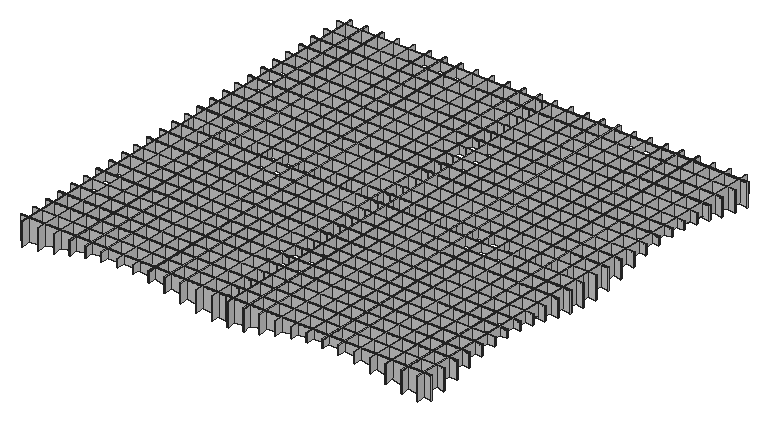
Revit family "CLD-WFL-002_RFA", category Modelos genéricos, Revit 2022
Family settings
  Puede alojar armadura = No
  Cota de conector redondo = Diámetro de uso
  Tipo de pieza = Normal
  Se basa en plano de trabajo = No
  Siempre vertical = Sí
  Corte con vacíos al cargar = No
  Mantener orientación de anotación = No
  Compartido = No
  Punto de cálculo de habitación = No
Parameters
  Elevación por defecto = 0.00"
Reference planes (in)
  plane 1 "Centro (Frontal/Posterior)": y = 0
  plane 2: z = 0
  plane 3 "Centro (Izquierda/Derecha)": x = 0
Forms (in)
  Extrusion 1, solid
    sketch origin (0, 3.79167, 0) x (1, 0, 0) y (0, 0, 1)
      loop
        line (108, 11.82144) -> (0, 11.82144) -> (0, 0)
        spline (0, 0) -> (0.32561, 0.03535) -> (0.65129, 0.07108) -> (0.97702, 0.10719) -> (1.3028, 0.14369) -> (1.62862, 0.18058) -> (1.95447, 0.21788) -> (2.28035, 0.25557) -> (2.60624, 0.29369) -> (2.93213, 0.33222) -> (3.25803, 0.37118) -> (3.58391, 0.41056) -> (3.90978, 0.45039)
        spline (3.90978, 0.45039) -> (4.64427, 0.54331) -> (5.37851, 0.63835) -> (6.11243, 0.73557) -> (6.84597, 0.83501) -> (7.57904, 0.93675) -> (8.31156, 1.04084) -> (9.04347, 1.14734) -> (9.7747, 1.25631) -> (10.50516, 1.36779) -> (11.23478, 1.48186) -> (11.96349, 1.59857) -> (12.69122, 1.71798)
        spline (12.69122, 1.71798) -> (13.38922, 1.83797) -> (14.08606, 1.96074) -> (14.78174, 2.08623) -> (15.47631, 2.21426) -> (16.16984, 2.34463) -> (16.86238, 2.47718) -> (17.55399, 2.61172) -> (18.24473, 2.74807) -> (18.93467, 2.88604) -> (19.62386, 3.02546) -> (20.31235, 3.16614) -> (21.00022, 3.30789)
        spline (21.00022, 3.30789) -> (21.65469, 3.44372) -> (22.3087, 3.5801) -> (22.96232, 3.71687) -> (23.61561, 3.85384) -> (24.26863, 3.99083) -> (24.92142, 4.12768) -> (25.57405, 4.2642) -> (26.22658, 4.40021) -> (26.87906, 4.53554) -> (27.53155, 4.67001) -> (28.18411, 4.80344) -> (28.83678, 4.93566)
        spline (28.83678, 4.93566) -> (29.71888, 5.11051) -> (30.60133, 5.28308) -> (31.48418, 5.45313) -> (32.36752, 5.62042) -> (33.25139, 5.78471) -> (34.13589, 5.94577) -> (35.02106, 6.10336) -> (35.90699, 6.25724) -> (36.79374, 6.40717) -> (37.68137, 6.55291) -> (38.56997, 6.69423) -> (39.45958, 6.83089)
        spline (39.45958, 6.83089) -> (39.81456, 6.88206) -> (40.17002, 6.93114) -> (40.52597, 6.97806) -> (40.88246, 7.0227) -> (41.2395, 7.065) -> (41.59707, 7.10495) -> (41.95516, 7.14258) -> (42.31373, 7.17791) -> (42.67277, 7.21097) -> (43.03223, 7.2418) -> (43.3921, 7.27043) -> (43.75234, 7.29687)
        spline (43.75234, 7.29687) -> (44.62318, 7.35197) -> (45.49474, 7.40207) -> (46.36696, 7.44722) -> (47.23979, 7.48751) -> (48.11314, 7.52299) -> (48.98697, 7.55374) -> (49.8612, 7.57983) -> (50.73577, 7.60132) -> (51.61063, 7.61828) -> (52.48569, 7.63078) -> (53.36091, 7.63889) -> (54.23622, 7.64268)
        spline (54.23622, 7.64268) -> (54.8905, 7.63994) -> (55.54471, 7.63396) -> (56.19881, 7.62471) -> (56.85275, 7.61212) -> (57.50648, 7.59614) -> (58.15996, 7.57673) -> (58.81313, 7.55383) -> (59.46596, 7.5274) -> (60.11838, 7.49738) -> (60.77036, 7.46371) -> (61.42184, 7.42635) -> (62.07278, 7.38525)
        spline (62.07278, 7.38525) -> (62.80971, 7.33115) -> (63.54587, 7.27259) -> (64.28121, 7.20951) -> (65.01566, 7.14186) -> (65.74917, 7.06957) -> (66.48169, 6.99259) -> (67.21316, 6.91086) -> (67.94353, 6.82432) -> (68.67277, 6.73297) -> (69.40093, 6.637) -> (70.12806, 6.53658) -> (70.85422, 6.4319)
        spline (70.85422, 6.4319) -> (71.51051, 6.33081) -> (72.16604, 6.22628) -> (72.82086, 6.11849) -> (73.47503, 6.00761) -> (74.12859, 5.89382) -> (74.78159, 5.7773) -> (75.43409, 5.65821) -> (76.08613, 5.53673) -> (76.73777, 5.41305) -> (77.38906, 5.28733) -> (78.04005, 5.15975) -> (78.69078, 5.03049)
        spline (78.69078, 5.03049) -> (79.42214, 4.88265) -> (80.15338, 4.73345) -> (80.88454, 4.58309) -> (81.6157, 4.43177) -> (82.3469, 4.27969) -> (83.07823, 4.12703) -> (83.80973, 3.97401) -> (84.54148, 3.82083) -> (85.27354, 3.66767) -> (86.00597, 3.51473) -> (86.73884, 3.36223) -> (87.47222, 3.21035)
        spline (87.47222, 3.21035) -> (88.12098, 3.07725) -> (88.77034, 2.94516) -> (89.42035, 2.81427) -> (90.07106, 2.68474) -> (90.72253, 2.55674) -> (91.37482, 2.43044) -> (92.02798, 2.30602) -> (92.68208, 2.18365) -> (93.33715, 2.0635) -> (93.99327, 1.94575) -> (94.65048, 1.83055) -> (95.30878, 1.71798)
        spline (95.30878, 1.71798) -> (96.03651, 1.59857) -> (96.76522, 1.48186) -> (97.49484, 1.36779) -> (98.2253, 1.25631) -> (98.95653, 1.14734) -> (99.68844, 1.04084) -> (100.42096, 0.93675) -> (101.15403, 0.83501) -> (101.88757, 0.73557) -> (102.62149, 0.63835) -> (103.35573, 0.54331) -> (104.09022, 0.45039)
        spline (104.09022, 0.45039) -> (104.41609, 0.41056) -> (104.74197, 0.37118) -> (105.06787, 0.33222) -> (105.39376, 0.29369) -> (105.71965, 0.25557) -> (106.04553, 0.21788) -> (106.37138, 0.18058) -> (106.6972, 0.14369) -> (107.02298, 0.10719) -> (107.34871, 0.07108) -> (107.67439, 0.03535) -> (108, 0)
        line (108, 0) -> (108, 11.82144)
    from -0.11811 to 0
  Extrusion 2, solid
    sketch origin (0, 4.38222, 0) x (1, 0, 0) y (0, 0, 1)
      loop
        line (108, 11.82144) -> (0, 11.82144) -> (0, 0)
        spline (0, 0) -> (0.32561, 0.03535) -> (0.65129, 0.07108) -> (0.97702, 0.10719) -> (1.3028, 0.14369) -> (1.62862, 0.18058) -> (1.95447, 0.21788) -> (2.28035, 0.25557) -> (2.60624, 0.29369) -> (2.93213, 0.33222) -> (3.25803, 0.37118) -> (3.58391, 0.41056) -> (3.90978, 0.45039)
        spline (3.90978, 0.45039) -> (4.64427, 0.54331) -> (5.37851, 0.63835) -> (6.11243, 0.73557) -> (6.84597, 0.83501) -> (7.57904, 0.93675) -> (8.31156, 1.04084) -> (9.04347, 1.14734) -> (9.7747, 1.25631) -> (10.50516, 1.36779) -> (11.23478, 1.48186) -> (11.96349, 1.59857) -> (12.69122, 1.71798)
        spline (12.69122, 1.71798) -> (13.38922, 1.83797) -> (14.08606, 1.96074) -> (14.78174, 2.08623) -> (15.47631, 2.21426) -> (16.16984, 2.34463) -> (16.86238, 2.47718) -> (17.55399, 2.61172) -> (18.24473, 2.74807) -> (18.93467, 2.88604) -> (19.62386, 3.02546) -> (20.31235, 3.16614) -> (21.00022, 3.30789)
        spline (21.00022, 3.30789) -> (21.65469, 3.44372) -> (22.3087, 3.5801) -> (22.96232, 3.71687) -> (23.61561, 3.85384) -> (24.26863, 3.99083) -> (24.92142, 4.12768) -> (25.57405, 4.2642) -> (26.22658, 4.40021) -> (26.87906, 4.53554) -> (27.53155, 4.67001) -> (28.18411, 4.80344) -> (28.83678, 4.93566)
        spline (28.83678, 4.93566) -> (29.71888, 5.11051) -> (30.60133, 5.28308) -> (31.48418, 5.45313) -> (32.36752, 5.62042) -> (33.25139, 5.78471) -> (34.13589, 5.94577) -> (35.02106, 6.10336) -> (35.90699, 6.25724) -> (36.79374, 6.40717) -> (37.68137, 6.55291) -> (38.56997, 6.69423) -> (39.45958, 6.83089)
        spline (39.45958, 6.83089) -> (39.81456, 6.88206) -> (40.17002, 6.93114) -> (40.52597, 6.97806) -> (40.88246, 7.0227) -> (41.2395, 7.065) -> (41.59707, 7.10495) -> (41.95516, 7.14258) -> (42.31373, 7.17791) -> (42.67277, 7.21097) -> (43.03223, 7.2418) -> (43.3921, 7.27043) -> (43.75234, 7.29687)
        spline (43.75234, 7.29687) -> (44.62318, 7.35197) -> (45.49474, 7.40207) -> (46.36696, 7.44722) -> (47.23979, 7.48751) -> (48.11314, 7.52299) -> (48.98697, 7.55374) -> (49.8612, 7.57983) -> (50.73577, 7.60132) -> (51.61063, 7.61828) -> (52.48569, 7.63078) -> (53.36091, 7.63889) -> (54.23622, 7.64268)
        spline (54.23622, 7.64268) -> (54.8905, 7.63994) -> (55.54471, 7.63396) -> (56.19881, 7.62471) -> (56.85275, 7.61212) -> (57.50648, 7.59614) -> (58.15996, 7.57673) -> (58.81313, 7.55383) -> (59.46596, 7.5274) -> (60.11838, 7.49738) -> (60.77036, 7.46371) -> (61.42184, 7.42635) -> (62.07278, 7.38525)
        spline (62.07278, 7.38525) -> (62.80971, 7.33115) -> (63.54587, 7.27259) -> (64.28121, 7.20951) -> (65.01566, 7.14186) -> (65.74917, 7.06957) -> (66.48169, 6.99259) -> (67.21316, 6.91086) -> (67.94353, 6.82432) -> (68.67277, 6.73297) -> (69.40093, 6.637) -> (70.12806, 6.53658) -> (70.85422, 6.4319)
        spline (70.85422, 6.4319) -> (71.51051, 6.33081) -> (72.16604, 6.22628) -> (72.82086, 6.11849) -> (73.47503, 6.00761) -> (74.12859, 5.89382) -> (74.78159, 5.7773) -> (75.43409, 5.65821) -> (76.08613, 5.53673) -> (76.73777, 5.41305) -> (77.38906, 5.28733) -> (78.04005, 5.15975) -> (78.69078, 5.03049)
        spline (78.69078, 5.03049) -> (79.42214, 4.88265) -> (80.15338, 4.73345) -> (80.88454, 4.58309) -> (81.6157, 4.43177) -> (82.3469, 4.27969) -> (83.07823, 4.12703) -> (83.80973, 3.97401) -> (84.54148, 3.82083) -> (85.27354, 3.66767) -> (86.00597, 3.51473) -> (86.73884, 3.36223) -> (87.47222, 3.21035)
        spline (87.47222, 3.21035) -> (88.12098, 3.07725) -> (88.77034, 2.94516) -> (89.42035, 2.81427) -> (90.07106, 2.68474) -> (90.72253, 2.55674) -> (91.37482, 2.43044) -> (92.02798, 2.30602) -> (92.68208, 2.18365) -> (93.33715, 2.0635) -> (93.99327, 1.94575) -> (94.65048, 1.83055) -> (95.30878, 1.71798)
        spline (95.30878, 1.71798) -> (96.03651, 1.59857) -> (96.76522, 1.48186) -> (97.49484, 1.36779) -> (98.2253, 1.25631) -> (98.95653, 1.14734) -> (99.68844, 1.04084) -> (100.42096, 0.93675) -> (101.15403, 0.83501) -> (101.88757, 0.73557) -> (102.62149, 0.63835) -> (103.35573, 0.54331) -> (104.09022, 0.45039)
        spline (104.09022, 0.45039) -> (104.41609, 0.41056) -> (104.74197, 0.37118) -> (105.06787, 0.33222) -> (105.39376, 0.29369) -> (105.71965, 0.25557) -> (106.04553, 0.21788) -> (106.37138, 0.18058) -> (106.6972, 0.14369) -> (107.02298, 0.10719) -> (107.34871, 0.07108) -> (107.67439, 0.03535) -> (108, 0)
        line (108, 0) -> (108, 11.82144)
    from -0.11811 to 0
  Extrusion 3, solid
    sketch origin (0, 4.26411, 0) x (1, 0, 0) y (0, 0, 1)
      loop
        line (108, 11.82144) -> (0, 11.82144) -> (0, 0)
        spline (0, 0) -> (0.32561, 0.03535) -> (0.65129, 0.07108) -> (0.97702, 0.10719) -> (1.3028, 0.14369) -> (1.62862, 0.18058) -> (1.95447, 0.21788) -> (2.28035, 0.25557) -> (2.60624, 0.29369) -> (2.93213, 0.33222) -> (3.25803, 0.37118) -> (3.58391, 0.41056) -> (3.90978, 0.45039)
        spline (3.90978, 0.45039) -> (4.64427, 0.54331) -> (5.37851, 0.63835) -> (6.11243, 0.73557) -> (6.84597, 0.83501) -> (7.57904, 0.93675) -> (8.31156, 1.04084) -> (9.04347, 1.14734) -> (9.7747, 1.25631) -> (10.50516, 1.36779) -> (11.23478, 1.48186) -> (11.96349, 1.59857) -> (12.69122, 1.71798)
        spline (12.69122, 1.71798) -> (13.38922, 1.83797) -> (14.08606, 1.96074) -> (14.78174, 2.08623) -> (15.47631, 2.21426) -> (16.16984, 2.34463) -> (16.86238, 2.47718) -> (17.55399, 2.61172) -> (18.24473, 2.74807) -> (18.93467, 2.88604) -> (19.62386, 3.02546) -> (20.31235, 3.16614) -> (21.00022, 3.30789)
        spline (21.00022, 3.30789) -> (21.65469, 3.44372) -> (22.3087, 3.5801) -> (22.96232, 3.71687) -> (23.61561, 3.85384) -> (24.26863, 3.99083) -> (24.92142, 4.12768) -> (25.57405, 4.2642) -> (26.22658, 4.40021) -> (26.87906, 4.53554) -> (27.53155, 4.67001) -> (28.18411, 4.80344) -> (28.83678, 4.93566)
        spline (28.83678, 4.93566) -> (29.71888, 5.11051) -> (30.60133, 5.28308) -> (31.48418, 5.45313) -> (32.36752, 5.62042) -> (33.25139, 5.78471) -> (34.13589, 5.94577) -> (35.02106, 6.10336) -> (35.90699, 6.25724) -> (36.79374, 6.40717) -> (37.68137, 6.55291) -> (38.56997, 6.69423) -> (39.45958, 6.83089)
        spline (39.45958, 6.83089) -> (39.81456, 6.88206) -> (40.17002, 6.93114) -> (40.52597, 6.97806) -> (40.88246, 7.0227) -> (41.2395, 7.065) -> (41.59707, 7.10495) -> (41.95516, 7.14258) -> (42.31373, 7.17791) -> (42.67277, 7.21097) -> (43.03223, 7.2418) -> (43.3921, 7.27043) -> (43.75234, 7.29687)
        spline (43.75234, 7.29687) -> (44.62318, 7.35197) -> (45.49474, 7.40207) -> (46.36696, 7.44722) -> (47.23979, 7.48751) -> (48.11314, 7.52299) -> (48.98697, 7.55374) -> (49.8612, 7.57983) -> (50.73577, 7.60132) -> (51.61063, 7.61828) -> (52.48569, 7.63078) -> (53.36091, 7.63889) -> (54.23622, 7.64268)
        spline (54.23622, 7.64268) -> (54.8905, 7.63994) -> (55.54471, 7.63396) -> (56.19881, 7.62471) -> (56.85275, 7.61212) -> (57.50648, 7.59614) -> (58.15996, 7.57673) -> (58.81313, 7.55383) -> (59.46596, 7.5274) -> (60.11838, 7.49738) -> (60.77036, 7.46371) -> (61.42184, 7.42635) -> (62.07278, 7.38525)
        spline (62.07278, 7.38525) -> (62.80971, 7.33115) -> (63.54587, 7.27259) -> (64.28121, 7.20951) -> (65.01566, 7.14186) -> (65.74917, 7.06957) -> (66.48169, 6.99259) -> (67.21316, 6.91086) -> (67.94353, 6.82432) -> (68.67277, 6.73297) -> (69.40093, 6.637) -> (70.12806, 6.53658) -> (70.85422, 6.4319)
        spline (70.85422, 6.4319) -> (71.51051, 6.33081) -> (72.16604, 6.22628) -> (72.82086, 6.11849) -> (73.47503, 6.00761) -> (74.12859, 5.89382) -> (74.78159, 5.7773) -> (75.43409, 5.65821) -> (76.08613, 5.53673) -> (76.73777, 5.41305) -> (77.38906, 5.28733) -> (78.04005, 5.15975) -> (78.69078, 5.03049)
        spline (78.69078, 5.03049) -> (79.42214, 4.88265) -> (80.15338, 4.73345) -> (80.88454, 4.58309) -> (81.6157, 4.43177) -> (82.3469, 4.27969) -> (83.07823, 4.12703) -> (83.80973, 3.97401) -> (84.54148, 3.82083) -> (85.27354, 3.66767) -> (86.00597, 3.51473) -> (86.73884, 3.36223) -> (87.47222, 3.21035)
        spline (87.47222, 3.21035) -> (88.12098, 3.07725) -> (88.77034, 2.94516) -> (89.42035, 2.81427) -> (90.07106, 2.68474) -> (90.72253, 2.55674) -> (91.37482, 2.43044) -> (92.02798, 2.30602) -> (92.68208, 2.18365) -> (93.33715, 2.0635) -> (93.99327, 1.94575) -> (94.65048, 1.83055) -> (95.30878, 1.71798)
        spline (95.30878, 1.71798) -> (96.03651, 1.59857) -> (96.76522, 1.48186) -> (97.49484, 1.36779) -> (98.2253, 1.25631) -> (98.95653, 1.14734) -> (99.68844, 1.04084) -> (100.42096, 0.93675) -> (101.15403, 0.83501) -> (101.88757, 0.73557) -> (102.62149, 0.63835) -> (103.35573, 0.54331) -> (104.09022, 0.45039)
        spline (104.09022, 0.45039) -> (104.41609, 0.41056) -> (104.74197, 0.37118) -> (105.06787, 0.33222) -> (105.39376, 0.29369) -> (105.71965, 0.25557) -> (106.04553, 0.21788) -> (106.37138, 0.18058) -> (106.6972, 0.14369) -> (107.02298, 0.10719) -> (107.34871, 0.07108) -> (107.67439, 0.03535) -> (108, 0)
        line (108, 0) -> (108, 11.82144)
    from -0.11811 to 0.35433
  Extrusion 4, solid
    sketch origin (0, 12.10067, 0) x (1, 0, 0) y (0, 0, 1)
      loop
        line (108, 11.82144) -> (0, 11.82144) -> (0, 0.88375)
        spline (0, 0.88375) -> (0.32561, 0.94348) -> (0.65129, 1.00296) -> (0.97702, 1.06219) -> (1.3028, 1.12116) -> (1.62862, 1.1799) -> (1.95447, 1.23838) -> (2.28035, 1.29662) -> (2.60624, 1.35462) -> (2.93213, 1.41237) -> (3.25803, 1.46988) -> (3.58391, 1.52715) -> (3.90978, 1.58418)
        spline (3.90978, 1.58418) -> (4.64426, 1.71122) -> (5.37851, 1.8372) -> (6.11243, 1.96212) -> (6.84596, 2.086) -> (7.57903, 2.20885) -> (8.31155, 2.33067) -> (9.04347, 2.45149) -> (9.77469, 2.57131) -> (10.50515, 2.69014) -> (11.23478, 2.80798) -> (11.96349, 2.92486) -> (12.69122, 3.04079)
        spline (12.69122, 3.04079) -> (13.34952, 3.14441) -> (14.00673, 3.24717) -> (14.66285, 3.34906) -> (15.31792, 3.45005) -> (15.97202, 3.55011) -> (16.62518, 3.64921) -> (17.27747, 3.74732) -> (17.92894, 3.8444) -> (18.57965, 3.94043) -> (19.22966, 4.03537) -> (19.87902, 4.12919) -> (20.52778, 4.22187)
        spline (20.52778, 4.22187) -> (21.26116, 4.32437) -> (21.99403, 4.42546) -> (22.72646, 4.52511) -> (23.45852, 4.62328) -> (24.19027, 4.71993) -> (24.92177, 4.81503) -> (25.6531, 4.90854) -> (26.3843, 5.00042) -> (27.11545, 5.09065) -> (27.84662, 5.17918) -> (28.57786, 5.26598) -> (29.30922, 5.35101)
        spline (29.30922, 5.35101) -> (29.95995, 5.42391) -> (30.61094, 5.49516) -> (31.26223, 5.56472) -> (31.91387, 5.63257) -> (32.56591, 5.69867) -> (33.21841, 5.763) -> (33.87141, 5.82551) -> (34.52497, 5.88618) -> (35.17914, 5.94498) -> (35.83396, 6.00187) -> (36.48949, 6.05683) -> (37.14578, 6.10982)
        spline (37.14578, 6.10982) -> (37.87194, 6.16453) -> (38.59907, 6.21702) -> (39.32723, 6.26723) -> (40.05647, 6.31514) -> (40.78684, 6.36072) -> (41.51831, 6.40397) -> (42.25083, 6.44489) -> (42.98434, 6.4835) -> (43.71879, 6.51981) -> (44.45413, 6.55383) -> (45.19029, 6.58557) -> (45.92722, 6.61503)
        spline (45.92722, 6.61503) -> (46.57816, 6.6376) -> (47.22964, 6.65822) -> (47.88162, 6.67689) -> (48.53404, 6.69363) -> (49.18687, 6.70845) -> (49.84004, 6.72134) -> (50.49352, 6.73234) -> (51.14725, 6.74143) -> (51.80119, 6.74863) -> (52.45529, 6.75396) -> (53.1095, 6.75742) -> (53.76378, 6.75901)
        spline (53.76378, 6.75901) -> (54.49695, 6.7572) -> (55.23004, 6.75331) -> (55.96301, 6.74732) -> (56.6958, 6.73922) -> (57.42835, 6.72901) -> (58.16062, 6.71667) -> (58.89255, 6.7022) -> (59.62408, 6.68557) -> (60.35517, 6.66679) -> (61.08576, 6.64585) -> (61.81579, 6.62272) -> (62.54522, 6.59741)
        spline (62.54522, 6.59741) -> (63.20286, 6.57112) -> (63.85981, 6.54281) -> (64.51602, 6.51247) -> (65.17144, 6.48008) -> (65.82603, 6.44563) -> (66.47973, 6.40912) -> (67.1325, 6.37054) -> (67.78428, 6.32988) -> (68.43505, 6.28713) -> (69.08486, 6.24233) -> (69.73376, 6.19551) -> (70.38178, 6.14669)
        spline (70.38178, 6.14669) -> (71.1172, 6.08737) -> (71.85177, 6.02584) -> (72.58554, 5.96214) -> (73.31858, 5.89631) -> (74.05094, 5.82838) -> (74.78268, 5.75838) -> (75.51386, 5.68636) -> (76.24452, 5.61234) -> (76.97473, 5.53637) -> (77.70455, 5.45847) -> (78.43403, 5.37869) -> (79.16322, 5.29705)
        spline (79.16322, 5.29705) -> (79.81589, 5.22111) -> (80.46845, 5.14359) -> (81.12094, 5.06452) -> (81.77342, 4.98394) -> (82.42595, 4.90188) -> (83.07858, 4.81837) -> (83.73137, 4.73344) -> (84.38439, 4.64713) -> (85.03768, 4.55947) -> (85.6913, 4.47048) -> (86.34531, 4.3802) -> (86.99978, 4.28866)
        spline (86.99978, 4.28866) -> (87.72677, 4.18488) -> (88.45442, 4.07981) -> (89.1828, 3.97349) -> (89.91197, 3.86595) -> (90.64199, 3.75723) -> (91.37293, 3.64737) -> (92.10485, 3.53639) -> (92.8378, 3.42433) -> (93.57186, 3.31123) -> (94.30709, 3.19712) -> (95.04354, 3.08203) -> (95.78122, 2.96599)
        spline (95.78122, 2.96599) -> (96.4698, 2.85601) -> (97.15931, 2.74512) -> (97.84968, 2.63332) -> (98.54085, 2.52058) -> (99.23273, 2.40692) -> (99.92527, 2.2923) -> (100.61838, 2.17673) -> (101.31201, 2.06019) -> (102.00608, 1.94268) -> (102.70052, 1.82418) -> (103.39525, 1.70469) -> (104.09022, 1.58418)
        spline (104.09022, 1.58418) -> (104.41609, 1.52715) -> (104.74197, 1.46988) -> (105.06787, 1.41237) -> (105.39376, 1.35462) -> (105.71965, 1.29662) -> (106.04553, 1.23838) -> (106.37138, 1.1799) -> (106.6972, 1.12116) -> (107.02298, 1.06219) -> (107.34871, 1.00296) -> (107.67439, 0.94348) -> (108, 0.88375)
        line (108, 0.88375) -> (108, 11.82144)
    from -0.11811 to 0
  Extrusion 5, solid, not visible
    sketch origin (0, 0, 0) x (1, 0, 0) y (0, 0, 1)
      loop
        line (108, 11.82144) -> (0, 11.82144) -> (0, 0)
        spline (0, 0) -> (0.32561, 0.03535) -> (0.65129, 0.07108) -> (0.97702, 0.10719) -> (1.3028, 0.14369) -> (1.62862, 0.18058) -> (1.95447, 0.21788) -> (2.28035, 0.25557) -> (2.60624, 0.29369) -> (2.93213, 0.33222) -> (3.25803, 0.37118) -> (3.58391, 0.41056) -> (3.90978, 0.45039)
        spline (3.90978, 0.45039) -> (4.64427, 0.54331) -> (5.37851, 0.63835) -> (6.11243, 0.73557) -> (6.84597, 0.83501) -> (7.57904, 0.93675) -> (8.31156, 1.04084) -> (9.04347, 1.14734) -> (9.7747, 1.25631) -> (10.50516, 1.36779) -> (11.23478, 1.48186) -> (11.96349, 1.59857) -> (12.69122, 1.71798)
        spline (12.69122, 1.71798) -> (13.38922, 1.83797) -> (14.08606, 1.96074) -> (14.78174, 2.08623) -> (15.47631, 2.21426) -> (16.16984, 2.34463) -> (16.86238, 2.47718) -> (17.55399, 2.61172) -> (18.24473, 2.74807) -> (18.93467, 2.88604) -> (19.62386, 3.02546) -> (20.31235, 3.16614) -> (21.00022, 3.30789)
        spline (21.00022, 3.30789) -> (21.65469, 3.44372) -> (22.3087, 3.5801) -> (22.96232, 3.71687) -> (23.61561, 3.85384) -> (24.26863, 3.99083) -> (24.92142, 4.12768) -> (25.57405, 4.2642) -> (26.22658, 4.40021) -> (26.87906, 4.53554) -> (27.53155, 4.67001) -> (28.18411, 4.80344) -> (28.83678, 4.93566)
        spline (28.83678, 4.93566) -> (29.71888, 5.11051) -> (30.60133, 5.28308) -> (31.48418, 5.45313) -> (32.36752, 5.62042) -> (33.25139, 5.78471) -> (34.13589, 5.94577) -> (35.02106, 6.10336) -> (35.90699, 6.25724) -> (36.79374, 6.40717) -> (37.68137, 6.55291) -> (38.56997, 6.69423) -> (39.45958, 6.83089)
        spline (39.45958, 6.83089) -> (39.81456, 6.88206) -> (40.17002, 6.93114) -> (40.52597, 6.97806) -> (40.88246, 7.0227) -> (41.2395, 7.065) -> (41.59707, 7.10495) -> (41.95516, 7.14258) -> (42.31373, 7.17791) -> (42.67277, 7.21097) -> (43.03223, 7.2418) -> (43.3921, 7.27043) -> (43.75234, 7.29687)
        spline (43.75234, 7.29687) -> (44.62318, 7.35197) -> (45.49474, 7.40207) -> (46.36696, 7.44722) -> (47.23979, 7.48751) -> (48.11314, 7.52299) -> (48.98697, 7.55374) -> (49.8612, 7.57983) -> (50.73577, 7.60132) -> (51.61063, 7.61828) -> (52.48569, 7.63078) -> (53.36091, 7.63889) -> (54.23622, 7.64268)
        spline (54.23622, 7.64268) -> (54.8905, 7.63994) -> (55.54471, 7.63396) -> (56.19881, 7.62471) -> (56.85275, 7.61212) -> (57.50648, 7.59614) -> (58.15996, 7.57673) -> (58.81313, 7.55383) -> (59.46596, 7.5274) -> (60.11838, 7.49738) -> (60.77036, 7.46371) -> (61.42184, 7.42635) -> (62.07278, 7.38525)
        spline (62.07278, 7.38525) -> (62.80971, 7.33115) -> (63.54587, 7.27259) -> (64.28121, 7.20951) -> (65.01566, 7.14186) -> (65.74917, 7.06957) -> (66.48169, 6.99259) -> (67.21316, 6.91086) -> (67.94353, 6.82432) -> (68.67277, 6.73297) -> (69.40093, 6.637) -> (70.12806, 6.53658) -> (70.85422, 6.4319)
        spline (70.85422, 6.4319) -> (71.51051, 6.33081) -> (72.16604, 6.22628) -> (72.82086, 6.11849) -> (73.47503, 6.00761) -> (74.12859, 5.89382) -> (74.78159, 5.7773) -> (75.43409, 5.65821) -> (76.08613, 5.53673) -> (76.73777, 5.41305) -> (77.38906, 5.28733) -> (78.04005, 5.15975) -> (78.69078, 5.03049)
        spline (78.69078, 5.03049) -> (79.42214, 4.88265) -> (80.15338, 4.73345) -> (80.88454, 4.58309) -> (81.6157, 4.43177) -> (82.3469, 4.27969) -> (83.07823, 4.12703) -> (83.80973, 3.97401) -> (84.54148, 3.82083) -> (85.27354, 3.66767) -> (86.00597, 3.51473) -> (86.73884, 3.36223) -> (87.47222, 3.21035)
        spline (87.47222, 3.21035) -> (88.12098, 3.07725) -> (88.77034, 2.94516) -> (89.42035, 2.81427) -> (90.07106, 2.68474) -> (90.72253, 2.55674) -> (91.37482, 2.43044) -> (92.02798, 2.30602) -> (92.68208, 2.18365) -> (93.33715, 2.0635) -> (93.99327, 1.94575) -> (94.65048, 1.83055) -> (95.30878, 1.71798)
        spline (95.30878, 1.71798) -> (96.03651, 1.59857) -> (96.76522, 1.48186) -> (97.49484, 1.36779) -> (98.2253, 1.25631) -> (98.95653, 1.14734) -> (99.68844, 1.04084) -> (100.42096, 0.93675) -> (101.15403, 0.83501) -> (101.88757, 0.73557) -> (102.62149, 0.63835) -> (103.35573, 0.54331) -> (104.09022, 0.45039)
        spline (104.09022, 0.45039) -> (104.41609, 0.41056) -> (104.74197, 0.37118) -> (105.06787, 0.33222) -> (105.39376, 0.29369) -> (105.71965, 0.25557) -> (106.04553, 0.21788) -> (106.37138, 0.18058) -> (106.6972, 0.14369) -> (107.02298, 0.10719) -> (107.34871, 0.07108) -> (107.67439, 0.03535) -> (108, 0)
        line (108, 0) -> (108, 11.82144)
    from -0.11811 to 0
  Extrusion 6, solid, not visible
    sketch origin (0, 0.59055, 0) x (1, 0, 0) y (0, 0, 1)
      loop
        line (108, 11.82144) -> (0, 11.82144) -> (0, 0)
        spline (0, 0) -> (0.32561, 0.03535) -> (0.65129, 0.07108) -> (0.97702, 0.10719) -> (1.3028, 0.14369) -> (1.62862, 0.18058) -> (1.95447, 0.21788) -> (2.28035, 0.25557) -> (2.60624, 0.29369) -> (2.93213, 0.33222) -> (3.25803, 0.37118) -> (3.58391, 0.41056) -> (3.90978, 0.45039)
        spline (3.90978, 0.45039) -> (4.64427, 0.54331) -> (5.37851, 0.63835) -> (6.11243, 0.73557) -> (6.84597, 0.83501) -> (7.57904, 0.93675) -> (8.31156, 1.04084) -> (9.04347, 1.14734) -> (9.7747, 1.25631) -> (10.50516, 1.36779) -> (11.23478, 1.48186) -> (11.96349, 1.59857) -> (12.69122, 1.71798)
        spline (12.69122, 1.71798) -> (13.38922, 1.83797) -> (14.08606, 1.96074) -> (14.78174, 2.08623) -> (15.47631, 2.21426) -> (16.16984, 2.34463) -> (16.86238, 2.47718) -> (17.55399, 2.61172) -> (18.24473, 2.74807) -> (18.93467, 2.88604) -> (19.62386, 3.02546) -> (20.31235, 3.16614) -> (21.00022, 3.30789)
        spline (21.00022, 3.30789) -> (21.65469, 3.44372) -> (22.3087, 3.5801) -> (22.96232, 3.71687) -> (23.61561, 3.85384) -> (24.26863, 3.99083) -> (24.92142, 4.12768) -> (25.57405, 4.2642) -> (26.22658, 4.40021) -> (26.87906, 4.53554) -> (27.53155, 4.67001) -> (28.18411, 4.80344) -> (28.83678, 4.93566)
        spline (28.83678, 4.93566) -> (29.71888, 5.11051) -> (30.60133, 5.28308) -> (31.48418, 5.45313) -> (32.36752, 5.62042) -> (33.25139, 5.78471) -> (34.13589, 5.94577) -> (35.02106, 6.10336) -> (35.90699, 6.25724) -> (36.79374, 6.40717) -> (37.68137, 6.55291) -> (38.56997, 6.69423) -> (39.45958, 6.83089)
        spline (39.45958, 6.83089) -> (39.81456, 6.88206) -> (40.17002, 6.93114) -> (40.52597, 6.97806) -> (40.88246, 7.0227) -> (41.2395, 7.065) -> (41.59707, 7.10495) -> (41.95516, 7.14258) -> (42.31373, 7.17791) -> (42.67277, 7.21097) -> (43.03223, 7.2418) -> (43.3921, 7.27043) -> (43.75234, 7.29687)
        spline (43.75234, 7.29687) -> (44.62318, 7.35197) -> (45.49474, 7.40207) -> (46.36696, 7.44722) -> (47.23979, 7.48751) -> (48.11314, 7.52299) -> (48.98697, 7.55374) -> (49.8612, 7.57983) -> (50.73577, 7.60132) -> (51.61063, 7.61828) -> (52.48569, 7.63078) -> (53.36091, 7.63889) -> (54.23622, 7.64268)
        spline (54.23622, 7.64268) -> (54.8905, 7.63994) -> (55.54471, 7.63396) -> (56.19881, 7.62471) -> (56.85275, 7.61212) -> (57.50648, 7.59614) -> (58.15996, 7.57673) -> (58.81313, 7.55383) -> (59.46596, 7.5274) -> (60.11838, 7.49738) -> (60.77036, 7.46371) -> (61.42184, 7.42635) -> (62.07278, 7.38525)
        spline (62.07278, 7.38525) -> (62.80971, 7.33115) -> (63.54587, 7.27259) -> (64.28121, 7.20951) -> (65.01566, 7.14186) -> (65.74917, 7.06957) -> (66.48169, 6.99259) -> (67.21316, 6.91086) -> (67.94353, 6.82432) -> (68.67277, 6.73297) -> (69.40093, 6.637) -> (70.12806, 6.53658) -> (70.85422, 6.4319)
        spline (70.85422, 6.4319) -> (71.51051, 6.33081) -> (72.16604, 6.22628) -> (72.82086, 6.11849) -> (73.47503, 6.00761) -> (74.12859, 5.89382) -> (74.78159, 5.7773) -> (75.43409, 5.65821) -> (76.08613, 5.53673) -> (76.73777, 5.41305) -> (77.38906, 5.28733) -> (78.04005, 5.15975) -> (78.69078, 5.03049)
        spline (78.69078, 5.03049) -> (79.42214, 4.88265) -> (80.15338, 4.73345) -> (80.88454, 4.58309) -> (81.6157, 4.43177) -> (82.3469, 4.27969) -> (83.07823, 4.12703) -> (83.80973, 3.97401) -> (84.54148, 3.82083) -> (85.27354, 3.66767) -> (86.00597, 3.51473) -> (86.73884, 3.36223) -> (87.47222, 3.21035)
        spline (87.47222, 3.21035) -> (88.12098, 3.07725) -> (88.77034, 2.94516) -> (89.42035, 2.81427) -> (90.07106, 2.68474) -> (90.72253, 2.55674) -> (91.37482, 2.43044) -> (92.02798, 2.30602) -> (92.68208, 2.18365) -> (93.33715, 2.0635) -> (93.99327, 1.94575) -> (94.65048, 1.83055) -> (95.30878, 1.71798)
        spline (95.30878, 1.71798) -> (96.03651, 1.59857) -> (96.76522, 1.48186) -> (97.49484, 1.36779) -> (98.2253, 1.25631) -> (98.95653, 1.14734) -> (99.68844, 1.04084) -> (100.42096, 0.93675) -> (101.15403, 0.83501) -> (101.88757, 0.73557) -> (102.62149, 0.63835) -> (103.35573, 0.54331) -> (104.09022, 0.45039)
        spline (104.09022, 0.45039) -> (104.41609, 0.41056) -> (104.74197, 0.37118) -> (105.06787, 0.33222) -> (105.39376, 0.29369) -> (105.71965, 0.25557) -> (106.04553, 0.21788) -> (106.37138, 0.18058) -> (106.6972, 0.14369) -> (107.02298, 0.10719) -> (107.34871, 0.07108) -> (107.67439, 0.03535) -> (108, 0)
        line (108, 0) -> (108, 11.82144)
    from -0.11811 to 0
  Extrusion 7, solid, not visible
    sketch origin (0, 0.47244, 0) x (1, 0, 0) y (0, 0, 1)
      loop
        line (108, 11.82144) -> (0, 11.82144) -> (0, 0)
        spline (0, 0) -> (0.32561, 0.03535) -> (0.65129, 0.07108) -> (0.97702, 0.10719) -> (1.3028, 0.14369) -> (1.62862, 0.18058) -> (1.95447, 0.21788) -> (2.28035, 0.25557) -> (2.60624, 0.29369) -> (2.93213, 0.33222) -> (3.25803, 0.37118) -> (3.58391, 0.41056) -> (3.90978, 0.45039)
        spline (3.90978, 0.45039) -> (4.64427, 0.54331) -> (5.37851, 0.63835) -> (6.11243, 0.73557) -> (6.84597, 0.83501) -> (7.57904, 0.93675) -> (8.31156, 1.04084) -> (9.04347, 1.14734) -> (9.7747, 1.25631) -> (10.50516, 1.36779) -> (11.23478, 1.48186) -> (11.96349, 1.59857) -> (12.69122, 1.71798)
        spline (12.69122, 1.71798) -> (13.38922, 1.83797) -> (14.08606, 1.96074) -> (14.78174, 2.08623) -> (15.47631, 2.21426) -> (16.16984, 2.34463) -> (16.86238, 2.47718) -> (17.55399, 2.61172) -> (18.24473, 2.74807) -> (18.93467, 2.88604) -> (19.62386, 3.02546) -> (20.31235, 3.16614) -> (21.00022, 3.30789)
        spline (21.00022, 3.30789) -> (21.65469, 3.44372) -> (22.3087, 3.5801) -> (22.96232, 3.71687) -> (23.61561, 3.85384) -> (24.26863, 3.99083) -> (24.92142, 4.12768) -> (25.57405, 4.2642) -> (26.22658, 4.40021) -> (26.87906, 4.53554) -> (27.53155, 4.67001) -> (28.18411, 4.80344) -> (28.83678, 4.93566)
        spline (28.83678, 4.93566) -> (29.71888, 5.11051) -> (30.60133, 5.28308) -> (31.48418, 5.45313) -> (32.36752, 5.62042) -> (33.25139, 5.78471) -> (34.13589, 5.94577) -> (35.02106, 6.10336) -> (35.90699, 6.25724) -> (36.79374, 6.40717) -> (37.68137, 6.55291) -> (38.56997, 6.69423) -> (39.45958, 6.83089)
        spline (39.45958, 6.83089) -> (39.81456, 6.88206) -> (40.17002, 6.93114) -> (40.52597, 6.97806) -> (40.88246, 7.0227) -> (41.2395, 7.065) -> (41.59707, 7.10495) -> (41.95516, 7.14258) -> (42.31373, 7.17791) -> (42.67277, 7.21097) -> (43.03223, 7.2418) -> (43.3921, 7.27043) -> (43.75234, 7.29687)
        spline (43.75234, 7.29687) -> (44.62318, 7.35197) -> (45.49474, 7.40207) -> (46.36696, 7.44722) -> (47.23979, 7.48751) -> (48.11314, 7.52299) -> (48.98697, 7.55374) -> (49.8612, 7.57983) -> (50.73577, 7.60132) -> (51.61063, 7.61828) -> (52.48569, 7.63078) -> (53.36091, 7.63889) -> (54.23622, 7.64268)
        spline (54.23622, 7.64268) -> (54.8905, 7.63994) -> (55.54471, 7.63396) -> (56.19881, 7.62471) -> (56.85275, 7.61212) -> (57.50648, 7.59614) -> (58.15996, 7.57673) -> (58.81313, 7.55383) -> (59.46596, 7.5274) -> (60.11838, 7.49738) -> (60.77036, 7.46371) -> (61.42184, 7.42635) -> (62.07278, 7.38525)
        spline (62.07278, 7.38525) -> (62.80971, 7.33115) -> (63.54587, 7.27259) -> (64.28121, 7.20951) -> (65.01566, 7.14186) -> (65.74917, 7.06957) -> (66.48169, 6.99259) -> (67.21316, 6.91086) -> (67.94353, 6.82432) -> (68.67277, 6.73297) -> (69.40093, 6.637) -> (70.12806, 6.53658) -> (70.85422, 6.4319)
        spline (70.85422, 6.4319) -> (71.51051, 6.33081) -> (72.16604, 6.22628) -> (72.82086, 6.11849) -> (73.47503, 6.00761) -> (74.12859, 5.89382) -> (74.78159, 5.7773) -> (75.43409, 5.65821) -> (76.08613, 5.53673) -> (76.73777, 5.41305) -> (77.38906, 5.28733) -> (78.04005, 5.15975) -> (78.69078, 5.03049)
        spline (78.69078, 5.03049) -> (79.42214, 4.88265) -> (80.15338, 4.73345) -> (80.88454, 4.58309) -> (81.6157, 4.43177) -> (82.3469, 4.27969) -> (83.07823, 4.12703) -> (83.80973, 3.97401) -> (84.54148, 3.82083) -> (85.27354, 3.66767) -> (86.00597, 3.51473) -> (86.73884, 3.36223) -> (87.47222, 3.21035)
        spline (87.47222, 3.21035) -> (88.12098, 3.07725) -> (88.77034, 2.94516) -> (89.42035, 2.81427) -> (90.07106, 2.68474) -> (90.72253, 2.55674) -> (91.37482, 2.43044) -> (92.02798, 2.30602) -> (92.68208, 2.18365) -> (93.33715, 2.0635) -> (93.99327, 1.94575) -> (94.65048, 1.83055) -> (95.30878, 1.71798)
        spline (95.30878, 1.71798) -> (96.03651, 1.59857) -> (96.76522, 1.48186) -> (97.49484, 1.36779) -> (98.2253, 1.25631) -> (98.95653, 1.14734) -> (99.68844, 1.04084) -> (100.42096, 0.93675) -> (101.15403, 0.83501) -> (101.88757, 0.73557) -> (102.62149, 0.63835) -> (103.35573, 0.54331) -> (104.09022, 0.45039)
        spline (104.09022, 0.45039) -> (104.41609, 0.41056) -> (104.74197, 0.37118) -> (105.06787, 0.33222) -> (105.39376, 0.29369) -> (105.71965, 0.25557) -> (106.04553, 0.21788) -> (106.37138, 0.18058) -> (106.6972, 0.14369) -> (107.02298, 0.10719) -> (107.34871, 0.07108) -> (107.67439, 0.03535) -> (108, 0)
        line (108, 0) -> (108, 11.82144)
    from -0.11811 to 0.35433
  Extrusion 8, solid
    sketch origin (0, 12.57311, 0) x (1, 0, 0) y (0, 0, 1)
      loop
        line (108, 11.82144) -> (0, 11.82144) -> (0, 0.88375)
        spline (0, 0.88375) -> (0.32561, 0.94348) -> (0.65129, 1.00296) -> (0.97702, 1.06219) -> (1.3028, 1.12116) -> (1.62862, 1.1799) -> (1.95447, 1.23838) -> (2.28035, 1.29662) -> (2.60624, 1.35462) -> (2.93213, 1.41237) -> (3.25803, 1.46988) -> (3.58391, 1.52715) -> (3.90978, 1.58418)
        spline (3.90978, 1.58418) -> (4.64426, 1.71122) -> (5.37851, 1.8372) -> (6.11243, 1.96212) -> (6.84596, 2.086) -> (7.57903, 2.20885) -> (8.31155, 2.33067) -> (9.04347, 2.45149) -> (9.77469, 2.57131) -> (10.50515, 2.69014) -> (11.23478, 2.80798) -> (11.96349, 2.92486) -> (12.69122, 3.04079)
        spline (12.69122, 3.04079) -> (13.34952, 3.14441) -> (14.00673, 3.24717) -> (14.66285, 3.34906) -> (15.31792, 3.45005) -> (15.97202, 3.55011) -> (16.62518, 3.64921) -> (17.27747, 3.74732) -> (17.92894, 3.8444) -> (18.57965, 3.94043) -> (19.22966, 4.03537) -> (19.87902, 4.12919) -> (20.52778, 4.22187)
        spline (20.52778, 4.22187) -> (21.26116, 4.32437) -> (21.99403, 4.42546) -> (22.72646, 4.52511) -> (23.45852, 4.62328) -> (24.19027, 4.71993) -> (24.92177, 4.81503) -> (25.6531, 4.90854) -> (26.3843, 5.00042) -> (27.11545, 5.09065) -> (27.84662, 5.17918) -> (28.57786, 5.26598) -> (29.30922, 5.35101)
        spline (29.30922, 5.35101) -> (29.95995, 5.42391) -> (30.61094, 5.49516) -> (31.26223, 5.56472) -> (31.91387, 5.63257) -> (32.56591, 5.69867) -> (33.21841, 5.763) -> (33.87141, 5.82551) -> (34.52497, 5.88618) -> (35.17914, 5.94498) -> (35.83396, 6.00187) -> (36.48949, 6.05683) -> (37.14578, 6.10982)
        spline (37.14578, 6.10982) -> (37.87194, 6.16453) -> (38.59907, 6.21702) -> (39.32723, 6.26723) -> (40.05647, 6.31514) -> (40.78684, 6.36072) -> (41.51831, 6.40397) -> (42.25083, 6.44489) -> (42.98434, 6.4835) -> (43.71879, 6.51981) -> (44.45413, 6.55383) -> (45.19029, 6.58557) -> (45.92722, 6.61503)
        spline (45.92722, 6.61503) -> (46.57816, 6.6376) -> (47.22964, 6.65822) -> (47.88162, 6.67689) -> (48.53404, 6.69363) -> (49.18687, 6.70845) -> (49.84004, 6.72134) -> (50.49352, 6.73234) -> (51.14725, 6.74143) -> (51.80119, 6.74863) -> (52.45529, 6.75396) -> (53.1095, 6.75742) -> (53.76378, 6.75901)
        spline (53.76378, 6.75901) -> (54.49695, 6.7572) -> (55.23004, 6.75331) -> (55.96301, 6.74732) -> (56.6958, 6.73922) -> (57.42835, 6.72901) -> (58.16062, 6.71667) -> (58.89255, 6.7022) -> (59.62408, 6.68557) -> (60.35517, 6.66679) -> (61.08576, 6.64585) -> (61.81579, 6.62272) -> (62.54522, 6.59741)
        spline (62.54522, 6.59741) -> (63.20286, 6.57112) -> (63.85981, 6.54281) -> (64.51602, 6.51247) -> (65.17144, 6.48008) -> (65.82603, 6.44563) -> (66.47973, 6.40912) -> (67.1325, 6.37054) -> (67.78428, 6.32988) -> (68.43505, 6.28713) -> (69.08486, 6.24233) -> (69.73376, 6.19551) -> (70.38178, 6.14669)
        spline (70.38178, 6.14669) -> (71.1172, 6.08737) -> (71.85177, 6.02584) -> (72.58554, 5.96214) -> (73.31858, 5.89631) -> (74.05094, 5.82838) -> (74.78268, 5.75838) -> (75.51386, 5.68636) -> (76.24452, 5.61234) -> (76.97473, 5.53637) -> (77.70455, 5.45847) -> (78.43403, 5.37869) -> (79.16322, 5.29705)
        spline (79.16322, 5.29705) -> (79.81589, 5.22111) -> (80.46845, 5.14359) -> (81.12094, 5.06452) -> (81.77342, 4.98394) -> (82.42595, 4.90188) -> (83.07858, 4.81837) -> (83.73137, 4.73344) -> (84.38439, 4.64713) -> (85.03768, 4.55947) -> (85.6913, 4.47048) -> (86.34531, 4.3802) -> (86.99978, 4.28866)
        spline (86.99978, 4.28866) -> (87.72677, 4.18488) -> (88.45442, 4.07981) -> (89.1828, 3.97349) -> (89.91197, 3.86595) -> (90.64199, 3.75723) -> (91.37293, 3.64737) -> (92.10485, 3.53639) -> (92.8378, 3.42433) -> (93.57186, 3.31123) -> (94.30709, 3.19712) -> (95.04354, 3.08203) -> (95.78122, 2.96599)
        spline (95.78122, 2.96599) -> (96.4698, 2.85601) -> (97.15931, 2.74512) -> (97.84968, 2.63332) -> (98.54085, 2.52058) -> (99.23273, 2.40692) -> (99.92527, 2.2923) -> (100.61838, 2.17673) -> (101.31201, 2.06019) -> (102.00608, 1.94268) -> (102.70052, 1.82418) -> (103.39525, 1.70469) -> (104.09022, 1.58418)
        spline (104.09022, 1.58418) -> (104.41609, 1.52715) -> (104.74197, 1.46988) -> (105.06787, 1.41237) -> (105.39376, 1.35462) -> (105.71965, 1.29662) -> (106.04553, 1.23838) -> (106.37138, 1.1799) -> (106.6972, 1.12116) -> (107.02298, 1.06219) -> (107.34871, 1.00296) -> (107.67439, 0.94348) -> (108, 0.88375)
        line (108, 0.88375) -> (108, 11.82144)
    from -0.11811 to 0.35433
  Extrusion 9, solid
    sketch origin (0, 20.40967, 0) x (1, 0, 0) y (0, 0, 1)
      loop
        line (108, 11.82144) -> (0, 11.82144) -> (0, 2.55729)
        spline (0, 2.55729) -> (0.32561, 2.61504) -> (0.65129, 2.67215) -> (0.97702, 2.72862) -> (1.3028, 2.78445) -> (1.62862, 2.83963) -> (1.95447, 2.89415) -> (2.28035, 2.94802) -> (2.60624, 3.00123) -> (2.93213, 3.05379) -> (3.25803, 3.10567) -> (3.58391, 3.15689) -> (3.90978, 3.20744)
        spline (3.90978, 3.20744) -> (4.64427, 3.31686) -> (5.37851, 3.42317) -> (6.11243, 3.52634) -> (6.84596, 3.62635) -> (7.57903, 3.72316) -> (8.31156, 3.81675) -> (9.04347, 3.90709) -> (9.77469, 3.99415) -> (10.50515, 4.07789) -> (11.23478, 4.1583) -> (11.96349, 4.23534) -> (12.69122, 4.30898)
        spline (12.69122, 4.30898) -> (13.34952, 4.37039) -> (14.00673, 4.4286) -> (14.66285, 4.48364) -> (15.31792, 4.53559) -> (15.97202, 4.58455) -> (16.62518, 4.63059) -> (17.27747, 4.67381) -> (17.92894, 4.71429) -> (18.57965, 4.75212) -> (19.22966, 4.78738) -> (19.87902, 4.82016) -> (20.52778, 4.85054)
        spline (20.52778, 4.85054) -> (21.26115, 4.88062) -> (21.99402, 4.90823) -> (22.72646, 4.93347) -> (23.45851, 4.95644) -> (24.19026, 4.97724) -> (24.92176, 4.99598) -> (25.65309, 5.01275) -> (26.38429, 5.02764) -> (27.11545, 5.04077) -> (27.84661, 5.05223) -> (28.57785, 5.06211) -> (29.30922, 5.07053)
        spline (29.30922, 5.07053) -> (29.95995, 5.07584) -> (30.61094, 5.08009) -> (31.26223, 5.08336) -> (31.91387, 5.08574) -> (32.56591, 5.08733) -> (33.21841, 5.0882) -> (33.87141, 5.08846) -> (34.52497, 5.08817) -> (35.17914, 5.08744) -> (35.83396, 5.08636) -> (36.48949, 5.085) -> (37.14578, 5.08346)
        spline (37.14578, 5.08346) -> (37.87194, 5.08165) -> (38.59907, 5.0799) -> (39.32723, 5.0783) -> (40.05647, 5.07696) -> (40.78684, 5.07594) -> (41.51831, 5.07527) -> (42.25083, 5.07491) -> (42.98434, 5.07483) -> (43.7188, 5.075) -> (44.45413, 5.07538) -> (45.19029, 5.07596) -> (45.92722, 5.0767)
        spline (45.92722, 5.0767) -> (46.57816, 5.07753) -> (47.22964, 5.07843) -> (47.88162, 5.07937) -> (48.53404, 5.08033) -> (49.18687, 5.08128) -> (49.84004, 5.0822) -> (50.49352, 5.08306) -> (51.14725, 5.08383) -> (51.80119, 5.0845) -> (52.45529, 5.08503) -> (53.1095, 5.0854) -> (53.76378, 5.08558)
        spline (53.76378, 5.08558) -> (54.49695, 5.08542) -> (55.23004, 5.08505) -> (55.96301, 5.0845) -> (56.6958, 5.0838) -> (57.42835, 5.08298) -> (58.16062, 5.08206) -> (58.89255, 5.08107) -> (59.62408, 5.08005) -> (60.35517, 5.07902) -> (61.08576, 5.07801) -> (61.81579, 5.07705) -> (62.54522, 5.07616)
        spline (62.54522, 5.07616) -> (63.20286, 5.07551) -> (63.85981, 5.075) -> (64.51602, 5.07466) -> (65.17144, 5.07452) -> (65.82603, 5.0746) -> (66.47973, 5.07493) -> (67.1325, 5.07554) -> (67.78428, 5.07645) -> (68.43505, 5.07766) -> (69.08486, 5.07909) -> (69.73376, 5.08066) -> (70.38178, 5.08229)
        spline (70.38178, 5.08229) -> (71.1172, 5.08386) -> (71.85177, 5.08523) -> (72.58555, 5.08629) -> (73.31859, 5.08695) -> (74.05095, 5.08712) -> (74.78269, 5.08668) -> (75.51386, 5.08555) -> (76.24453, 5.08362) -> (76.97474, 5.08079) -> (77.70455, 5.07697) -> (78.43403, 5.07206) -> (79.16322, 5.06596)
        spline (79.16322, 5.06596) -> (79.81589, 5.05858) -> (80.46845, 5.04989) -> (81.12094, 5.0398) -> (81.77342, 5.02821) -> (82.42595, 5.01505) -> (83.07858, 5.00022) -> (83.73137, 4.98363) -> (84.38439, 4.9652) -> (85.03768, 4.94483) -> (85.6913, 4.92244) -> (86.34531, 4.89793) -> (86.99978, 4.87123)
        spline (86.99978, 4.87123) -> (87.72677, 4.83707) -> (88.45442, 4.80022) -> (89.18281, 4.7606) -> (89.91198, 4.7181) -> (90.642, 4.67263) -> (91.37294, 4.62408) -> (92.10486, 4.57237) -> (92.83781, 4.5174) -> (93.57187, 4.45907) -> (94.3071, 4.39728) -> (95.04355, 4.33194) -> (95.78122, 4.26301)
        spline (95.78122, 4.26301) -> (96.43065, 4.19725) -> (97.08095, 4.12847) -> (97.73207, 4.05667) -> (98.38393, 3.9819) -> (99.03648, 3.90417) -> (99.68963, 3.82352) -> (100.34334, 3.73996) -> (100.99753, 3.65352) -> (101.65213, 3.56424) -> (102.30709, 3.47213) -> (102.96233, 3.37722) -> (103.61778, 3.27954)
        spline (103.61778, 3.27954) -> (103.98302, 3.22342) -> (104.34828, 3.16655) -> (104.71355, 3.10893) -> (105.07882, 3.05057) -> (105.44409, 2.99146) -> (105.80934, 2.93162) -> (106.17456, 2.87105) -> (106.53976, 2.80974) -> (106.9049, 2.74771) -> (107.27, 2.68496) -> (107.63504, 2.62148) -> (108, 2.55729)
        line (108, 2.55729) -> (108, 11.82144)
    from -0.11811 to 0
  Extrusion 10, solid, not visible
    sketch origin (0, 8.309, 0) x (1, 0, 0) y (0, 0, 1)
      loop
        line (108, 11.82144) -> (0, 11.82144) -> (0, 0.88375)
        spline (0, 0.88375) -> (0.32561, 0.94348) -> (0.65129, 1.00296) -> (0.97702, 1.06219) -> (1.3028, 1.12116) -> (1.62862, 1.1799) -> (1.95447, 1.23838) -> (2.28035, 1.29662) -> (2.60624, 1.35462) -> (2.93213, 1.41237) -> (3.25803, 1.46988) -> (3.58391, 1.52715) -> (3.90978, 1.58418)
        spline (3.90978, 1.58418) -> (4.64426, 1.71122) -> (5.37851, 1.8372) -> (6.11243, 1.96212) -> (6.84596, 2.086) -> (7.57903, 2.20885) -> (8.31155, 2.33067) -> (9.04347, 2.45149) -> (9.77469, 2.57131) -> (10.50515, 2.69014) -> (11.23478, 2.80798) -> (11.96349, 2.92486) -> (12.69122, 3.04079)
        spline (12.69122, 3.04079) -> (13.34952, 3.14441) -> (14.00673, 3.24717) -> (14.66285, 3.34906) -> (15.31792, 3.45005) -> (15.97202, 3.55011) -> (16.62518, 3.64921) -> (17.27747, 3.74732) -> (17.92894, 3.8444) -> (18.57965, 3.94043) -> (19.22966, 4.03537) -> (19.87902, 4.12919) -> (20.52778, 4.22187)
        spline (20.52778, 4.22187) -> (21.26116, 4.32437) -> (21.99403, 4.42546) -> (22.72646, 4.52511) -> (23.45852, 4.62328) -> (24.19027, 4.71993) -> (24.92177, 4.81503) -> (25.6531, 4.90854) -> (26.3843, 5.00042) -> (27.11545, 5.09065) -> (27.84662, 5.17918) -> (28.57786, 5.26598) -> (29.30922, 5.35101)
        spline (29.30922, 5.35101) -> (29.95995, 5.42391) -> (30.61094, 5.49516) -> (31.26223, 5.56472) -> (31.91387, 5.63257) -> (32.56591, 5.69867) -> (33.21841, 5.763) -> (33.87141, 5.82551) -> (34.52497, 5.88618) -> (35.17914, 5.94498) -> (35.83396, 6.00187) -> (36.48949, 6.05683) -> (37.14578, 6.10982)
        spline (37.14578, 6.10982) -> (37.87194, 6.16453) -> (38.59907, 6.21702) -> (39.32723, 6.26723) -> (40.05647, 6.31514) -> (40.78684, 6.36072) -> (41.51831, 6.40397) -> (42.25083, 6.44489) -> (42.98434, 6.4835) -> (43.71879, 6.51981) -> (44.45413, 6.55383) -> (45.19029, 6.58557) -> (45.92722, 6.61503)
        spline (45.92722, 6.61503) -> (46.57816, 6.6376) -> (47.22964, 6.65822) -> (47.88162, 6.67689) -> (48.53404, 6.69363) -> (49.18687, 6.70845) -> (49.84004, 6.72134) -> (50.49352, 6.73234) -> (51.14725, 6.74143) -> (51.80119, 6.74863) -> (52.45529, 6.75396) -> (53.1095, 6.75742) -> (53.76378, 6.75901)
        spline (53.76378, 6.75901) -> (54.49695, 6.7572) -> (55.23004, 6.75331) -> (55.96301, 6.74732) -> (56.6958, 6.73922) -> (57.42835, 6.72901) -> (58.16062, 6.71667) -> (58.89255, 6.7022) -> (59.62408, 6.68557) -> (60.35517, 6.66679) -> (61.08576, 6.64585) -> (61.81579, 6.62272) -> (62.54522, 6.59741)
        spline (62.54522, 6.59741) -> (63.20286, 6.57112) -> (63.85981, 6.54281) -> (64.51602, 6.51247) -> (65.17144, 6.48008) -> (65.82603, 6.44563) -> (66.47973, 6.40912) -> (67.1325, 6.37054) -> (67.78428, 6.32988) -> (68.43505, 6.28713) -> (69.08486, 6.24233) -> (69.73376, 6.19551) -> (70.38178, 6.14669)
        spline (70.38178, 6.14669) -> (71.1172, 6.08737) -> (71.85177, 6.02584) -> (72.58554, 5.96214) -> (73.31858, 5.89631) -> (74.05094, 5.82838) -> (74.78268, 5.75838) -> (75.51386, 5.68636) -> (76.24452, 5.61234) -> (76.97473, 5.53637) -> (77.70455, 5.45847) -> (78.43403, 5.37869) -> (79.16322, 5.29705)
        spline (79.16322, 5.29705) -> (79.81589, 5.22111) -> (80.46845, 5.14359) -> (81.12094, 5.06452) -> (81.77342, 4.98394) -> (82.42595, 4.90188) -> (83.07858, 4.81837) -> (83.73137, 4.73344) -> (84.38439, 4.64713) -> (85.03768, 4.55947) -> (85.6913, 4.47048) -> (86.34531, 4.3802) -> (86.99978, 4.28866)
        spline (86.99978, 4.28866) -> (87.72677, 4.18488) -> (88.45442, 4.07981) -> (89.1828, 3.97349) -> (89.91197, 3.86595) -> (90.64199, 3.75723) -> (91.37293, 3.64737) -> (92.10485, 3.53639) -> (92.8378, 3.42433) -> (93.57186, 3.31123) -> (94.30709, 3.19712) -> (95.04354, 3.08203) -> (95.78122, 2.96599)
        spline (95.78122, 2.96599) -> (96.4698, 2.85601) -> (97.15931, 2.74512) -> (97.84968, 2.63332) -> (98.54085, 2.52058) -> (99.23273, 2.40692) -> (99.92527, 2.2923) -> (100.61838, 2.17673) -> (101.31201, 2.06019) -> (102.00608, 1.94268) -> (102.70052, 1.82418) -> (103.39525, 1.70469) -> (104.09022, 1.58418)
        spline (104.09022, 1.58418) -> (104.41609, 1.52715) -> (104.74197, 1.46988) -> (105.06787, 1.41237) -> (105.39376, 1.35462) -> (105.71965, 1.29662) -> (106.04553, 1.23838) -> (106.37138, 1.1799) -> (106.6972, 1.12116) -> (107.02298, 1.06219) -> (107.34871, 1.00296) -> (107.67439, 0.94348) -> (108, 0.88375)
        line (108, 0.88375) -> (108, 11.82144)
    from -0.11811 to 0
  Extrusion 11, solid, not visible
    sketch origin (0, 8.78144, 0) x (1, 0, 0) y (0, 0, 1)
      loop
        line (108, 11.82144) -> (0, 11.82144) -> (0, 0.88375)
        spline (0, 0.88375) -> (0.32561, 0.94348) -> (0.65129, 1.00296) -> (0.97702, 1.06219) -> (1.3028, 1.12116) -> (1.62862, 1.1799) -> (1.95447, 1.23838) -> (2.28035, 1.29662) -> (2.60624, 1.35462) -> (2.93213, 1.41237) -> (3.25803, 1.46988) -> (3.58391, 1.52715) -> (3.90978, 1.58418)
        spline (3.90978, 1.58418) -> (4.64426, 1.71122) -> (5.37851, 1.8372) -> (6.11243, 1.96212) -> (6.84596, 2.086) -> (7.57903, 2.20885) -> (8.31155, 2.33067) -> (9.04347, 2.45149) -> (9.77469, 2.57131) -> (10.50515, 2.69014) -> (11.23478, 2.80798) -> (11.96349, 2.92486) -> (12.69122, 3.04079)
        spline (12.69122, 3.04079) -> (13.34952, 3.14441) -> (14.00673, 3.24717) -> (14.66285, 3.34906) -> (15.31792, 3.45005) -> (15.97202, 3.55011) -> (16.62518, 3.64921) -> (17.27747, 3.74732) -> (17.92894, 3.8444) -> (18.57965, 3.94043) -> (19.22966, 4.03537) -> (19.87902, 4.12919) -> (20.52778, 4.22187)
        spline (20.52778, 4.22187) -> (21.26116, 4.32437) -> (21.99403, 4.42546) -> (22.72646, 4.52511) -> (23.45852, 4.62328) -> (24.19027, 4.71993) -> (24.92177, 4.81503) -> (25.6531, 4.90854) -> (26.3843, 5.00042) -> (27.11545, 5.09065) -> (27.84662, 5.17918) -> (28.57786, 5.26598) -> (29.30922, 5.35101)
        spline (29.30922, 5.35101) -> (29.95995, 5.42391) -> (30.61094, 5.49516) -> (31.26223, 5.56472) -> (31.91387, 5.63257) -> (32.56591, 5.69867) -> (33.21841, 5.763) -> (33.87141, 5.82551) -> (34.52497, 5.88618) -> (35.17914, 5.94498) -> (35.83396, 6.00187) -> (36.48949, 6.05683) -> (37.14578, 6.10982)
        spline (37.14578, 6.10982) -> (37.87194, 6.16453) -> (38.59907, 6.21702) -> (39.32723, 6.26723) -> (40.05647, 6.31514) -> (40.78684, 6.36072) -> (41.51831, 6.40397) -> (42.25083, 6.44489) -> (42.98434, 6.4835) -> (43.71879, 6.51981) -> (44.45413, 6.55383) -> (45.19029, 6.58557) -> (45.92722, 6.61503)
        spline (45.92722, 6.61503) -> (46.57816, 6.6376) -> (47.22964, 6.65822) -> (47.88162, 6.67689) -> (48.53404, 6.69363) -> (49.18687, 6.70845) -> (49.84004, 6.72134) -> (50.49352, 6.73234) -> (51.14725, 6.74143) -> (51.80119, 6.74863) -> (52.45529, 6.75396) -> (53.1095, 6.75742) -> (53.76378, 6.75901)
        spline (53.76378, 6.75901) -> (54.49695, 6.7572) -> (55.23004, 6.75331) -> (55.96301, 6.74732) -> (56.6958, 6.73922) -> (57.42835, 6.72901) -> (58.16062, 6.71667) -> (58.89255, 6.7022) -> (59.62408, 6.68557) -> (60.35517, 6.66679) -> (61.08576, 6.64585) -> (61.81579, 6.62272) -> (62.54522, 6.59741)
        spline (62.54522, 6.59741) -> (63.20286, 6.57112) -> (63.85981, 6.54281) -> (64.51602, 6.51247) -> (65.17144, 6.48008) -> (65.82603, 6.44563) -> (66.47973, 6.40912) -> (67.1325, 6.37054) -> (67.78428, 6.32988) -> (68.43505, 6.28713) -> (69.08486, 6.24233) -> (69.73376, 6.19551) -> (70.38178, 6.14669)
        spline (70.38178, 6.14669) -> (71.1172, 6.08737) -> (71.85177, 6.02584) -> (72.58554, 5.96214) -> (73.31858, 5.89631) -> (74.05094, 5.82838) -> (74.78268, 5.75838) -> (75.51386, 5.68636) -> (76.24452, 5.61234) -> (76.97473, 5.53637) -> (77.70455, 5.45847) -> (78.43403, 5.37869) -> (79.16322, 5.29705)
        spline (79.16322, 5.29705) -> (79.81589, 5.22111) -> (80.46845, 5.14359) -> (81.12094, 5.06452) -> (81.77342, 4.98394) -> (82.42595, 4.90188) -> (83.07858, 4.81837) -> (83.73137, 4.73344) -> (84.38439, 4.64713) -> (85.03768, 4.55947) -> (85.6913, 4.47048) -> (86.34531, 4.3802) -> (86.99978, 4.28866)
        spline (86.99978, 4.28866) -> (87.72677, 4.18488) -> (88.45442, 4.07981) -> (89.1828, 3.97349) -> (89.91197, 3.86595) -> (90.64199, 3.75723) -> (91.37293, 3.64737) -> (92.10485, 3.53639) -> (92.8378, 3.42433) -> (93.57186, 3.31123) -> (94.30709, 3.19712) -> (95.04354, 3.08203) -> (95.78122, 2.96599)
        spline (95.78122, 2.96599) -> (96.4698, 2.85601) -> (97.15931, 2.74512) -> (97.84968, 2.63332) -> (98.54085, 2.52058) -> (99.23273, 2.40692) -> (99.92527, 2.2923) -> (100.61838, 2.17673) -> (101.31201, 2.06019) -> (102.00608, 1.94268) -> (102.70052, 1.82418) -> (103.39525, 1.70469) -> (104.09022, 1.58418)
        spline (104.09022, 1.58418) -> (104.41609, 1.52715) -> (104.74197, 1.46988) -> (105.06787, 1.41237) -> (105.39376, 1.35462) -> (105.71965, 1.29662) -> (106.04553, 1.23838) -> (106.37138, 1.1799) -> (106.6972, 1.12116) -> (107.02298, 1.06219) -> (107.34871, 1.00296) -> (107.67439, 0.94348) -> (108, 0.88375)
        line (108, 0.88375) -> (108, 11.82144)
    from -0.11811 to 0.35433
  Extrusion 12, solid
    sketch origin (0, 20.52778, 0) x (1, 0, 0) y (0, 0, 1)
      loop
        line (108, 11.82144) -> (0, 11.82144) -> (0, 2.55729)
        spline (0, 2.55729) -> (0.32561, 2.61504) -> (0.65129, 2.67215) -> (0.97702, 2.72862) -> (1.3028, 2.78445) -> (1.62862, 2.83963) -> (1.95447, 2.89415) -> (2.28035, 2.94802) -> (2.60624, 3.00123) -> (2.93213, 3.05379) -> (3.25803, 3.10567) -> (3.58391, 3.15689) -> (3.90978, 3.20744)
        spline (3.90978, 3.20744) -> (4.64427, 3.31686) -> (5.37851, 3.42317) -> (6.11243, 3.52634) -> (6.84596, 3.62635) -> (7.57903, 3.72316) -> (8.31156, 3.81675) -> (9.04347, 3.90709) -> (9.77469, 3.99415) -> (10.50515, 4.07789) -> (11.23478, 4.1583) -> (11.96349, 4.23534) -> (12.69122, 4.30898)
        spline (12.69122, 4.30898) -> (13.34952, 4.37039) -> (14.00673, 4.4286) -> (14.66285, 4.48364) -> (15.31792, 4.53559) -> (15.97202, 4.58455) -> (16.62518, 4.63059) -> (17.27747, 4.67381) -> (17.92894, 4.71429) -> (18.57965, 4.75212) -> (19.22966, 4.78738) -> (19.87902, 4.82016) -> (20.52778, 4.85054)
        spline (20.52778, 4.85054) -> (21.26115, 4.88062) -> (21.99402, 4.90823) -> (22.72646, 4.93347) -> (23.45851, 4.95644) -> (24.19026, 4.97724) -> (24.92176, 4.99598) -> (25.65309, 5.01275) -> (26.38429, 5.02764) -> (27.11545, 5.04077) -> (27.84661, 5.05223) -> (28.57785, 5.06211) -> (29.30922, 5.07053)
        spline (29.30922, 5.07053) -> (29.95995, 5.07584) -> (30.61094, 5.08009) -> (31.26223, 5.08336) -> (31.91387, 5.08574) -> (32.56591, 5.08733) -> (33.21841, 5.0882) -> (33.87141, 5.08846) -> (34.52497, 5.08817) -> (35.17914, 5.08744) -> (35.83396, 5.08636) -> (36.48949, 5.085) -> (37.14578, 5.08346)
        spline (37.14578, 5.08346) -> (37.87194, 5.08165) -> (38.59907, 5.0799) -> (39.32723, 5.0783) -> (40.05647, 5.07696) -> (40.78684, 5.07594) -> (41.51831, 5.07527) -> (42.25083, 5.07491) -> (42.98434, 5.07483) -> (43.7188, 5.075) -> (44.45413, 5.07538) -> (45.19029, 5.07596) -> (45.92722, 5.0767)
        spline (45.92722, 5.0767) -> (46.57816, 5.07753) -> (47.22964, 5.07843) -> (47.88162, 5.07937) -> (48.53404, 5.08033) -> (49.18687, 5.08128) -> (49.84004, 5.0822) -> (50.49352, 5.08306) -> (51.14725, 5.08383) -> (51.80119, 5.0845) -> (52.45529, 5.08503) -> (53.1095, 5.0854) -> (53.76378, 5.08558)
